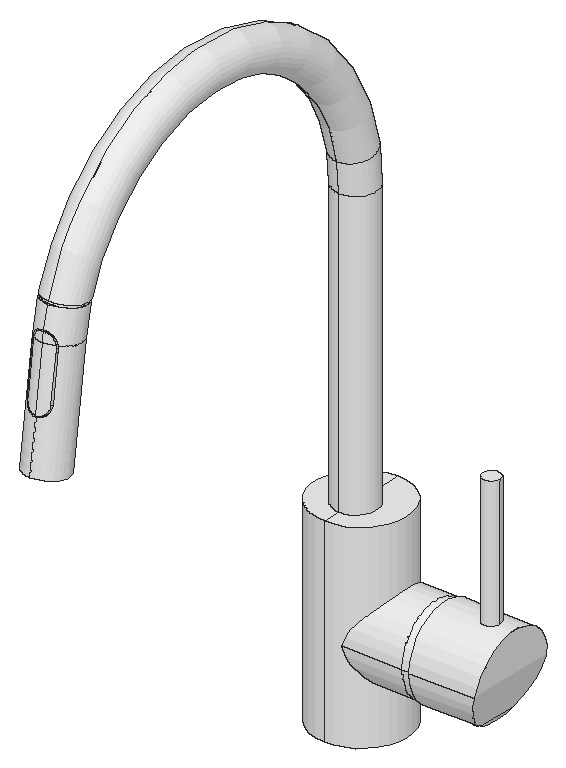
Revit family "Faucet-Kitchen-Grohe-Concetto-3134910E", category Plumbing Fixtures, Revit 2019
Family settings
  Round Connector Dimension = Use Diameter
  Part Type = Normal
  OmniClass Number = 23.45.55.14
  OmniClass Title = Single Faucets
  Work Plane-Based = Yes
  Always vertical = No
  Cut with Voids When Loaded = No
  Shared = Yes
  Room Calculation Point = No
Parameters (values of type "3134910E")
  cUPC Compliant = yes
  Width = 2"  # constant formula
  Waste Connection = no
  Warranty Documentation Link = "https://cdn.cloud.grohe.com/tpi/1000/1900/1940/1949/1949006/original/1949006.pdf"
  WFU = 2  # constant formula
  Vent Connection = no
  URL = "http://www.grohe.com/ca-en/"
  Revised Date = "3/29/2021"  # constant formula
  Product Page URL = "https://www.grohe.us/Single-Hole-Pull-Down-Faucets/Single-Handle-Pull-Down-Kitchen-Faucet-Dual-Spray-175-GPM/GROHE-CHROME-3134910E"
  Product Documentation Link = "https://americanstandard.box.com/shared/static/pt4xk01xfo39q14i9xfkz868ffw3v89i.pdf"
  Price = "Prices may vary. Please consult Manufacturer Representative for most up-to-date price list."  # constant formula
  Model = "3134910E"
  Material = "Metal-Grohe-003-Starlight Chrome"
  Manufacturer = "Grohe"  # constant formula
  Length = 8 9/16"  # constant formula
  Installation Type = "Deck Mounted"  # constant formula
  Hot Water Connection Diameter = 3/8"  # constant formula
  Height = 15"  # constant formula
  HWFU = 1.5  # constant formula
  HW Connection = yes
  Flow Rate = "1.5 gpm (5.7 L/min)"  # constant formula
  Finish = Metal-Grohe-003-Starlight Chrome
  Description = "CONCETTO Single-Handle Kitchen Faucet Starlight Chrome"
  Default Elevation = 0"
  Creation Date = "2/25/2019"  # constant formula
  Cold Water Connection Diameter = 3/8"  # constant formula
  CalGreen Compliant = yes
  CWFU = 1.5  # constant formula
  CW Connection = yes
  Assembly Code = "D2020300"
  ADA Compliant = yes
Types (4): name | Product Page URL | Model | Material | Finish | Description
  (no name) | "https://www.grohe.us/Single-Hole-Pull-Down-Faucets/Single-Handle-Pull-Down-Kitchen-Faucet-Dual-Spray-175-GPM/GROHE-CHROME-3134910E" | "3134910E" | "Metal-Grohe-003-Starlight Chrome" | Metal-Grohe-003-Starlight Chrome | "CONCETTO Single-Handle Kitchen Faucet Starlight Chrome"
  3134910E | "https://www.grohe.us/Single-Hole-Pull-Down-Faucets/Single-Handle-Pull-Down-Kitchen-Faucet-Dual-Spray-175-GPM/GROHE-CHROME-3134910E" | "3134910E" | "Metal-Grohe-003-Starlight Chrome" | Metal-Grohe-003-Starlight Chrome | "CONCETTO Single-Handle Kitchen Faucet Starlight Chrome"
  31349DCE | "https://www.grohe.us/Single-Hole-Pull-Down-Faucets/Single-Handle-Pull-Down-Kitchen-Faucet-Dual-Spray-175-GPM/GROHE-SUPERSTEEL-31349DCE" | "31349DCE" | "Metal-Grohe-DCE-SuperSteel Infinity Finish" | Metal-Grohe-DCE-SuperSteel Infinity Finish | "CONCETTO Single-Handle Kitchen Faucet SuperSteel Infinity Finish"
  3134900E | "https://www.grohe.us/Single-Hole-Pull-Down-Faucets/Single-Handle-Pull-Down-Kitchen-Faucet-Dual-Spray-175-GPM/GROHE-CHROME-3134910E" | "3134900E" | "Metal-Grohe-003-Starlight Chrome" | Metal-Grohe-003-Starlight Chrome | "CONCETTO Single-Handle Kitchen Faucet Starlight Chrome"
Reference planes (in)
  plane 1 "Center (Front/Back)": y = 0
  plane 2: z = 0
  plane 3 "Center (Left/Right)": x = 0
  plane 4: x = -1
  plane 5: x = 1
  plane 6: z = 2.90354
  plane 7: z = 1.03346
  plane 8: z = 1.9685
  plane 9: z = 15
  plane 10: z = 8.625
  plane 11: y = -8.5625
  plane 12 "angle": through (0, -8.87914, 6.7355) normal (0, -0.9848, 0.1736)
Forms (in)
  Revolve 1, solid, material "Metal-Grohe-003-Starlight Chrome" <- "Finish"
    sketch origin (0, 0, 0) x (0, 1, 0) y (0, 0, 1)
      loop
        line (1, 0) -> (1, 4.31098) -> (0, 4.31098) -> (0, 0) -> (1, 0)
      axis (0, 4.31098) -> (0, 0)
    angle from 0 to 360
  Revolve 2, solid, material "Metal-Grohe-003-Starlight Chrome" <- "Finish"
    sketch origin (0, 0, 1.9685) x (1, 0, 0) y (0, 1, 0)
      loop
        line (0, 0.94488) -> (0, 0) -> (2.32933, 0)
        arc (2.32933, 0) -> (2.24761, 0.53515) -> (1.83708, 0.88804) r 0.77952
        arc (1.83708, 0.88804) -> (1.74196, 0.93039) -> (1.63884, 0.94488) r 0.3741
        line (1.63884, 0.94488) -> (0, 0.94488)
      axis (2.32933, 0) -> (0, 0)
    angle from 0 to 360
  Revolve 3, solid, material "Metal-Grohe-003-Starlight Chrome" <- "Finish"
    sketch origin (0, 0, 1.9685) x (1, 0, 0) y (0, 1, 0)
      loop
        line (1.83708, 0) -> (3.68537, 0) -> (3.68537, 0.9576) -> (1.83708, 0.98507) -> (1.83708, 0)
      axis (3.68537, 0) -> (1.83708, 0)
    angle from 0 to 360
  Extrusion 4, solid, material "Metal-Grohe-003-Starlight Chrome" <- "Finish"
    sketch origin (0, 0, 1.9685) x (1, 0, 0) y (0, 1, 0)
      loop
        circle (2.83968, 0) r 0.18681
    from 0 to 3.7815
  Extrusion 5, void
    sketch origin (0, 0, 0) x (1, 0, 0) y (0, 0, 1)
      loop
        arc (3.35895, 2.92276) -> (3.24909, 1.99106) -> (2.94805, 1.10252) r 4.49051
        arc (2.94805, 1.10252) -> (2.92339, 1.01391) -> (2.83991, 0.97531) r 0.10956
        line (2.83991, 0.97531) -> (2.67654, 0.97531) -> (2.67654, 0.74147) -> (3.92509, 0.74147) -> (3.92509, 3.24147) -> (3.19831, 3.0599) -> (3.19831, 2.94746) -> (3.32578, 2.94746)
        arc (3.32578, 2.94746) -> (3.34646, 2.94061) -> (3.35895, 2.92276) r 0.03461
    from -1.17046 to 1.24509
  Extrusion 6, solid, material "Metal-Grohe-003-Starlight Chrome" <- "Finish"
    sketch origin (0, 0, 0) x (1, 0, 0) y (0, 1, 0)
      loop
        circle (-0.45267, 0) r 0.1875
      loop
        circle (0.45267, 0) r 0.1875
    from 0 to 0.39775
  Sweep 7, solid, material "Metal-Grohe-003-Starlight Chrome" <- "Finish"
    path origin (0, -1.25, 0.8125) x (0, 1, 0) y (0, 0, 1)
      loop
        line (1.10432, 2.31098) -> (1.10432, 9.71988)
        arc (1.10432, 9.71988) -> (1.0882, 10.08549) -> (1.03997, 10.44826) r 4.15431
        arc (1.03997, 10.44826) -> (-3.03399, 13.79296) -> (-6.97284, 10.29015) r 4.05677
        line (-6.97284, 10.29015) -> (-7.31415, 7.81047)
    profile origin (0, -0.14568, 6.82793) x (0, -1, 0) y (1, 0, 0)
      loop
        circle (0, 0) r 0.45267
  Extrusion 8, void
    sketch origin (0, -9.44959, 3.9485) x (1, 0, 0) y (0, 0.984808, -0.173648)
      loop
        circle (0, 0) r 0.5
      loop
        circle (0, 0) r 0.42027
    from 7.9375 to 8.00052
  Extrusion 9, void
    sketch origin (0, -9.79037, 1.56765) x (0, 0.173648, 0.984808) y (-1, 0, 0)
      loop
        arc (9.60301, -0.25) -> (9.85301, 0) -> (9.60301, 0.25) r 0.25
        line (9.60301, 0.25) -> (8.54073, 0.25)
        arc (8.54073, 0.25) -> (8.29073, 0) -> (8.54073, -0.25) r 0.25
        line (8.54073, -0.25) -> (9.60301, -0.25)
      loop
        line (9.60301, 0.28125) -> (8.54073, 0.28125)
        arc (8.54073, 0.28125) -> (8.25948, 0) -> (8.54073, -0.28125) r 0.28125
        line (8.54073, -0.28125) -> (9.60301, -0.28125)
        arc (9.60301, -0.28125) -> (9.88426, 0) -> (9.60301, 0.28125) r 0.28125
    from 0.37317 to 0.60383
Cuts and joins
  Extrusion 5, Extrusion 9 cuts Revolve 1
  Extrusion 5, Extrusion 9 cuts Revolve 2
  Extrusion 5, Extrusion 9 cuts Revolve 3
  Extrusion 5, Extrusion 9 cuts Extrusion 4
  Extrusion 9 cuts Extrusion 6
  Extrusion 8, Extrusion 9 cuts Sweep 7
  joined: Revolve 1, Revolve 2, Revolve 3, Extrusion 4, Extrusion 6, Sweep 7
Lines and regions (in)
  Masking region 1
    outline origin (0, 0, 0) x (1, 0, 0) y (0, 1, 0)
      loop
        line (-0.45267, -0.89168) -> (-0.45267, -8.57263)
        arc (-0.45267, -8.57263) -> (0, -9.0253) -> (0.45267, -8.57263) r 0.45267
        line (0.45267, -8.57263) -> (0.45267, -0.94488) -> (1.67633, -0.94488)
        arc (1.67633, -0.94488) -> (1.76158, -0.93025) -> (1.83708, -0.88804) r 0.25571
        line (1.83708, -0.88804) -> (1.83708, -0.98507) -> (3.24781, -0.96386)
        arc (3.24781, -0.96386) -> (3.27308, -0.95712) -> (3.29219, -0.93926) r 0.0538
        arc (3.29219, -0.93926) -> (3.33123, -0.80156) -> (3.34661, -0.65927) r 0.85017
        arc (3.34661, -0.65927) -> (3.36523, -0.32989) -> (3.36264, 0) r 5.12793
        arc (3.36264, 0) -> (3.36523, 0.32989) -> (3.34661, 0.65927) r 5.12793
        arc (3.34661, 0.65927) -> (3.33123, 0.80156) -> (3.29219, 0.93926) r 0.85017
        arc (3.29219, 0.93926) -> (3.27308, 0.95712) -> (3.24781, 0.96386) r 0.0538
        line (3.24781, 0.96386) -> (1.83708, 0.98507) -> (1.83708, 0.88804)
        arc (1.83708, 0.88804) -> (1.76158, 0.93025) -> (1.67633, 0.94488) r 0.25571
        line (1.67633, 0.94488) -> (0.32741, 0.94488)
        arc (0.32741, 0.94488) -> (-0.92041, 0.39095) -> (-0.45267, -0.89168) r 1
  symbolic lines, detail levels medium+fine
    curve 1: line (-0.45267, -0.99568, 0) -> (-0.45267, 0, 0)
    curve 2: line (0.45267, -0.99568, 0) -> (0.45267, 0, 0)
    curve 3: arc (-0.45267, 0, 0) -> (0, 0.45267, 0) -> (0.45267, 0, 0) r 0.45267
    curve 4: line (1.83708, 0.88804, 0) -> (1.83708, -0.88804, 0)
  symbolic lines, detail levels fine
    curve 5: line (1.67633, -0.94488, 0) -> (1.67633, 0.94488, 0)
    curve 6: circle (2.83968, 0, 0) r 0.18681 normal (0, 0, 1)
    curve 7: arc (0.45267, -8.05796, 0) -> (0, -8.51064, 0) -> (-0.45267, -8.05796, 0) r 0.45267
    curve 8: arc (0.45221, -8.07836, 0) -> (0, -8.53057, 0) -> (-0.45221, -8.07836, 0) r 0.45221
    curve 9: line (-0.28125, -8.59188, 0) -> (0, -8.63953, 0)
    curve 10: line (0, -8.63953, 0) -> (0.28125, -8.59188, 0)
    curve 11: line (0.28125, -8.77634, 0) -> (0, -8.92167, 0)
    curve 12: line (0, -8.92167, 0) -> (-0.28125, -8.77634, 0)
    curve 13: line (0, -8.64495, 0) -> (-0.25, -8.61421, 0)
    curve 14: line (0.25, -8.61421, 0) -> (0, -8.64495, 0)
    curve 15: line (-0.25, -8.79867, 0) -> (0, -8.91624, 0)
    curve 16: line (0, -8.91624, 0) -> (0.25, -8.79867, 0)
    curve 17: line (-0.25, -8.61421, 0) -> (-0.25, -8.79867, 0)
    curve 18: line (-0.28125, -8.59188, 0) -> (-0.28125, -8.77634, 0)
    curve 19: line (0.25, -8.61421, 0) -> (0.25, -8.79867, 0)
    curve 20: line (0.28125, -8.59188, 0) -> (0.28125, -8.77634, 0)
    curve 21: arc (0.45267, -0.89168, 0) -> (0.99768, 0.06805, 0) -> (0.32741, 0.94488, 0) r 1
Dimensions and locks (in)
  equal spacing: plane 4, plane 3 "Center (Left/Right)", plane 5
  "Width": plane 4 to plane 5
  equal spacing: plane 6, plane 8, plane 7
  locked: plane 6 to plane 7 at 1.87008
  "Height": plane 9 to level
  plane 10 to level = 8 5/8"
  "Length": plane 1 "Center (Front/Back)" to plane 11
  "Hot Water Connection Diameter": diameter of Extrusion 6 sketch curve
  "Cold Water Connection Diameter": diameter of Extrusion 6 sketch curve
Automatic sketch dimensions
  plane 1 "Center (Front/Back)" to Revolve 2 sketch curve = 0"  (x2)
  Revolve 2 sketch curve to plane 3 "Center (Left/Right)" = 0"
  Revolve 2 sketch curve to plane 1 "Center (Front/Back)" = 0.15724"
  plane 5 to Revolve 2 sketch curve = 0.56583"
  plane 5 to Revolve 2 sketch curve = 0.63884"
  Revolve 2 sketch curve to Revolve 2 sketch curve = 0.76349"
  Revolve 2 sketch curve to Revolve 2 sketch curve = 0.3741"
  Revolve 2 sketch curve to plane 4 = 0.39108"
  plane 4 to Revolve 2 sketch curve = 0.17564"
  plane 1 "Center (Front/Back)" to Revolve 3 sketch curve = 0"  (x2)
  plane 5 to Revolve 3 sketch curve = 0.83708"
  Revolve 3 sketch curve to Revolve 3 sketch curve = 1.84829"
  plane 5 to Revolve 3 sketch curve = 0.33708"
  Revolve 3 sketch curve to plane 5 = 0.2395"
  plane 1 "Center (Front/Back)" to Extrusion 4 sketch curve = 0"
  plane 5 to Extrusion 4 sketch curve = 1.83968"
  Extrusion 5 sketch curve to plane 6 = 0.07631"
  plane 4 to Extrusion 5 sketch curve = 0.1312"
  plane 7 to Extrusion 5 sketch curve = 0.05815"
  plane 5 to Extrusion 5 sketch curve = 1.67654"
  Extrusion 5 sketch curve to plane 7 = 0.05141"
  Extrusion 5 sketch curve to Extrusion 5 sketch curve = 0.16338"
  Extrusion 5 sketch curve to plane 6 = 0.04392"
  Extrusion 5 sketch curve to Extrusion 5 sketch curve = 0.35839"
  Extrusion 5 sketch curve to plane 6 = 0.00931"
  Extrusion 5 sketch curve to Extrusion 5 sketch curve = 0.12748"
  Extrusion 5 sketch curve to Extrusion 5 sketch curve = 0.56615"
  Extrusion 5 sketch curve to Extrusion 5 sketch curve = 0.23385"
  Extrusion 5 sketch curve to Extrusion 5 sketch curve = 0.11243"
  Extrusion 5 sketch curve to plane 6 = 0.33792"
  Extrusion 5 sketch curve to Extrusion 5 sketch curve = 0"
  plane 1 "Center (Front/Back)" to Extrusion 6 sketch curve = 0"  (x2)
  Extrusion 6 sketch curve to plane 3 "Center (Left/Right)" = 0.45267"
  plane 3 "Center (Left/Right)" to Extrusion 6 sketch curve = 0.45267"
  Sweep 7 sketch curve to profile plane = 0"  (x2)
  Extrusion 8 sketch curve to Extrusion 8 sketch curve = 0"  (x3)
  Extrusion 8 sketch curve to plane 3 "Center (Left/Right)" = 0"
  Revolve 1 sketch curve to level = 0"
  Revolve 1 sketch curve to plane 1 "Center (Front/Back)" = 0"  (x2)
  Revolve 1 sketch curve to plane 6 = 1.40744"
  Revolve 1 sketch curve to plane 10 = 0.87402"
  Revolve 1 sketch curve to plane 10 = 0.37402"
  plane 12 "angle" to Extrusion 8 sketch curve = 0.07783"
  Revolve 1 sketch curve to Revolve 1 sketch curve = 1"
  Revolve 2 sketch curve to Revolve 2 sketch curve = 0.41355"
  Revolve 3 sketch curve to plane 1 "Center (Front/Back)" = 0.9576"
  Revolve 3 sketch curve to plane 1 "Center (Front/Back)" = 0.98507"
  Masking region 1 sketch curve to plane 3 "Center (Left/Right)" = 0"  (x2)
  plane 1 "Center (Front/Back)" to Masking region 1 sketch curve = 0"  (x2)
  plane 11 to Masking region 1 sketch curve = 0.01013"
  plane 4 to Masking region 1 sketch curve = 0.76118"
  Masking region 1 sketch curve to Masking region 1 sketch curve = 0"
  plane 5 to Masking region 1 sketch curve = 0.67633"  (x2)
  Masking region 1 sketch curve to Masking region 1 sketch curve = 0.16075"  (x2)
  Masking region 1 sketch curve to Masking region 1 sketch curve = 0.6596"  (x2)
  Masking region 1 sketch curve to Masking region 1 sketch curve = 0.75033"  (x2)
  plane 1 "Center (Front/Back)" to Masking region 1 sketch curve = 0.96386"
  Masking region 1 sketch curve to Masking region 1 sketch curve = 0.00081"  (x2)
  Masking region 1 sketch curve to plane 1 "Center (Front/Back)" = 0.96386"
  Masking region 1 sketch curve to Masking region 1 sketch curve = 0.04019"
  Masking region 1 sketch curve to Masking region 1 sketch curve = 0.05379"  (x2)
  Masking region 1 sketch curve to Masking region 1 sketch curve = 0.09703"  (x2)
  plane 1 "Center (Front/Back)" to Masking region 1 sketch curve = 0.63934"
  plane 1 "Center (Front/Back)" to Masking region 1 sketch curve = 0.20529"
  Masking region 1 sketch curve to plane 1 "Center (Front/Back)" = 0.20529"
  Masking region 1 sketch curve to plane 1 "Center (Front/Back)" = 0.63934"
  Masking region 1 sketch curve to plane 1 "Center (Front/Back)" = 0.68917"
  Masking region 1 sketch curve to Masking region 1 sketch curve = 0.19887"
  plane 3 "Center (Left/Right)" to Masking region 1 sketch curve = 0.32741"
  Masking region 1 sketch curve to Masking region 1 sketch curve = 0.04438"  (x2)
  Masking region 1 sketch curve to Masking region 1 sketch curve = 0.09961"
  Masking region 1 sketch curve to Masking region 1 sketch curve = 0.12526"
  Masking region 1 sketch curve to Masking region 1 sketch curve = 0.34572"
  curve 3 to curve 21 = 0"  (x4)
  curve 7 to plane 3 "Center (Left/Right)" = 0"
  curve 14 to plane 3 "Center (Left/Right)" = 0"
  curve 15 to plane 3 "Center (Left/Right)" = 0"
  curve 9 to plane 3 "Center (Left/Right)" = 0"
  curve 11 to plane 3 "Center (Left/Right)" = 0"
  plane 1 "Center (Front/Back)" to curve 6 = 0"
  plane 11 to curve 17 = 0.05171"
  curve 17 to plane 3 "Center (Left/Right)" = 1/4"
  curve 18 to curve 15 = 1/32"
  curve 1 to plane 3 "Center (Left/Right)" = 0.45267"
  plane 3 "Center (Left/Right)" to curve 19 = 1/4"
  curve 14 to curve 20 = 1/32"
  plane 5 to curve 6 = 1.83968"
  plane 11 to curve 19 = 0.05171"
  plane 11 to curve 9 = 0.07703"
  curve 14 to curve 9 = 0.00543"
  curve 12 to curve 13 = 0.16213"
  curve 20 to curve 14 = 0.16213"
  curve 19 to curve 11 = 0.02233"
  curve 17 to curve 12 = 0.02233"
  curve 15 to curve 13 = 0.27129"
  curve 12 to curve 15 = 0.00543"
  plane 11 to curve 10 = 0.02938"
  plane 11 to curve 9 = 0.02938"
  curve 8 to plane 11 = 0.48414"
  curve 8 to curve 7 = 0.02039"
  curve 8 to curve 8 = 0.45221"
  plane 3 "Center (Left/Right)" to curve 21 = 0.32741"
  plane 5 to curve 5 = 0.67633"
  curve 5 to curve 4 = 0.16075"
  curve 1 to curve 21 = 0.104"
  curve 2 to curve 21 = 0.104"
  plane 1 "Center (Front/Back)" to curve 5 = 0.94488"
  curve 5 to curve 4 = 0.05684"
  curve 4 to plane 1 "Center (Front/Back)" = 0.88804"
  curve 4 to curve 5 = 0.05684"
  Sweep 7 sketch curve to plane 11 = 0.33966"
  plane 10 to Sweep 7 sketch curve = 1.90738"
  Sweep 7 sketch curve to Sweep 7 sketch curve = 3.92285"
  Sweep 7 sketch curve to Sweep 7 sketch curve = 0.09603"
  plane 1 "Center (Front/Back)" to Sweep 7 sketch curve = 0.14568"
  Sweep 7 sketch curve to Sweep 7 sketch curve = 0.0171"
  plane 10 to Sweep 7 sketch curve = 2.47765"
  plane 11 to Sweep 7 sketch curve = 0.00165"
  Sweep 7 sketch curve to plane 10 = 0.00203"
  Sweep 7 sketch curve to plane 6 = 0.21994"
  plane 1 "Center (Front/Back)" to curve 3 = 0"
  curve 3 to plane 3 "Center (Left/Right)" = 0"
  plane 1 "Center (Front/Back)" to curve 1 = 0.99568"
  Extrusion 9 sketch curve to Extrusion 9 sketch curve = 0"  (x4)
  Extrusion 9 sketch curve to plane 3 "Center (Left/Right)" = 0"
  Extrusion 9 sketch curve to plane 3 "Center (Left/Right)" = 9/32"
  Extrusion 9 sketch curve to Extrusion 9 sketch curve = 1.06227"
  Extrusion 9 sketch curve to Extrusion 9 sketch curve = 1/32"
  radius of Extrusion 4 sketch curve = 0.18681"
  radius of Sweep 7 sketch curve = 0.45267"
  radius of Extrusion 8 sketch curve = 1/2"
  radius of Extrusion 8 sketch curve = 0.42027"
  radius of curve 6 = 0.18681"
Connectors (in)
  piping at (-0.45267, 0, 0), diameter 0.375, driven by "HWFU", driven by "Hot Water Connection Diameter"
    settings: on Extrusion 6, index 1, connector inside diameter 24", connector length 0", flow factor 0, pipe flow 0 GPM, pressure drop 0.00 psi, fitting loss kfactor 0, connector angle 0.00°, fixture units 1.5, engagement length 0", angle of deflection 0.00°, flow configuration 3, flow direction 1, fitting loss method 0, system type 19, joint type 0, gender type 0, connector reference index -1, connector utility 0, adjustable connector no, is connector primary yes, connector description "3/8\" NPT HW Inlet"
  piping at (0.45267, 0, 0), diameter 0.375, driven by "CWFU", driven by "Cold Water Connection Diameter"
    settings: on Extrusion 6, index 2, connector inside diameter 24", connector length 0", flow factor 0, pipe flow 0 GPM, pressure drop 0.00 psi, fitting loss kfactor 0, connector angle 0.00°, fixture units 1.5, engagement length 0", angle of deflection 0.00°, flow configuration 3, flow direction 1, fitting loss method 0, system type 20, joint type 0, gender type 0, connector reference index -1, connector utility 0, adjustable connector no, is connector primary no, connector description "3/8\" NPT CW Inlet"
